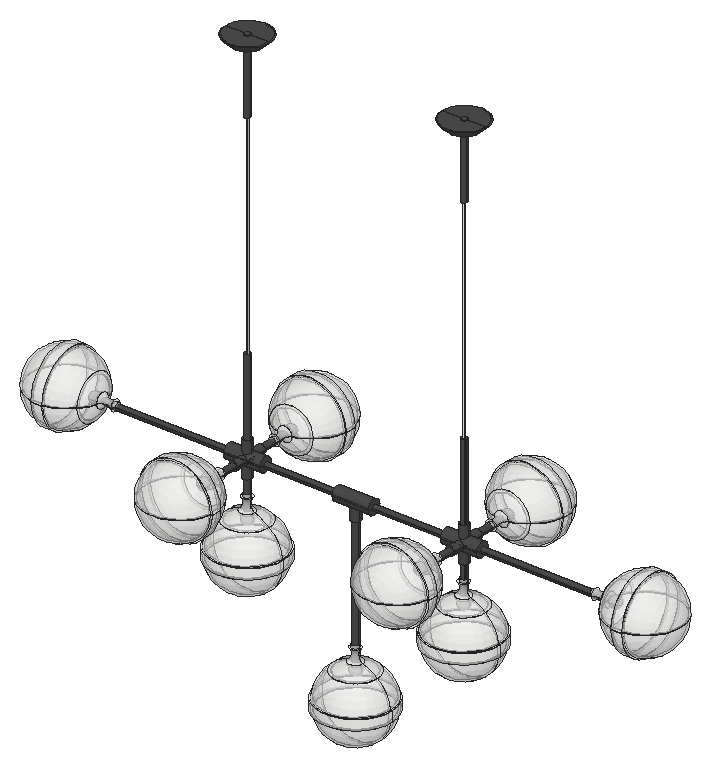
Revit family "PEGGY SP 9-Suspension", category Lighting Fixtures, host Ceiling, Revit 2020
Family settings
  Host = Ceiling
  Round Connector Dimension = Use Diameter
  Part Type = Normal
  OmniClass Number = 23.80.70.11
  OmniClass Title = Luminaries for Internal Lighting
  Always vertical = Yes
  Cut with Voids When Loaded = No
  Light Source = No
  Shared = No
  Room Calculation Point = No
Parameters (values of type "PEGGY SP 9")
  World Region [instance] = yes
  Width = 180 mm
  Voltage Control [instance] = if(World Region, 240 VA, 110 VA)  # 240 VA
  Voltage [instance] = if(World Region, 240 V, 110 V)  # 240 V
  USA and Canada market contacts = "ip@vistosi.it, +39.344.180.73.87"
  USA Region [instance] = not(World Region)  # no
  URL Product Page = "https://vistosi.it/prodotti-lampade-vetro/peggy-sp/?lang=en&sku=PEGGYSP9--000OT-BCLUE141CE"
  URL = "https://vistosi.com"
  Type Comments = "Hangar Design Group"
  Region [instance] = if(World Region, "Europe", "USA")  # "Europe"
  Product data url = ""
  Model = "PEGGY"
  Material Bulb [instance] = 000_VISTOSI_Bulb
  Manufacturer country = "Italy"
  Manufacturer = "Vistosi"
  Light Source [instance] = Bulb : 2700 K 13 W 37 V 2000 lm DIM2 Phase Cut
  Glass finish_type1 [instance] = none
  Frequency [instance] = if(World Region, 50 Hz, 60 Hz)  # 50 Hz
  Frame finish [instance] = none
  Designer = "Hangar Design Group"
  Description = "SUSPENSION"
  Depth = 67 mm
  Default Elevation = 0 mm
  Country = "Europe"
  Contact = "T. +39 041 5903480 Email: vistosi@vistosi.it"
  Bulb Diametr = 15 mm
  BIMobject category = ""
Reference planes
  plane 1 "Light Source Axis (F/B)": y = 0
  plane 2 "Ceiling": z = 2438.4
  plane 3 "Light Source Axis (L/R)": x = 0
  plane 4 "Light Source Elevation": z = 2438.4
  plane 5 "Lower Base": z = 1256.505
  plane 6 "O": z = 2234.65
  plane 7 "P": z = 1645.65
  plane 8: z = 1055.65
  plane 9 "Horizontal": z = 1387.65
  plane 10: x = -300.173
  plane 11: x = 299.827
Forms (mm)
  Extrusion 1, solid, material <- "Frame finish"
    sketch origin (-300, 0, 1256.505) x (-1, 0, 0) y (0, -1, 0)
      loop
        circle (0, 0) r 2
    from 0 to 978.145
  Extrusion 2, solid, material <- "Frame finish"
    sketch origin (-300, 0, 2208.4) x (-1, 0, 0) y (0, -1, 0)
      loop
        circle (0, 0) r 8
    from 26.25 to 230
  Extrusion 3, solid, material <- "Frame finish"
    sketch origin (-866.008, -4572, 1256.505) x (-1, 0, 0) y (0, -1, 0)
      loop
        circle (-566.008, -4572) r 8
    from 0 to 389.145
  Extrusion 4, solid, material <- "Frame finish"
    sketch origin (300, 0, 1256.505) x (-1, 0, 0) y (0, -1, 0)
      loop
        circle (0, 0) r 2
    from 0 to 978.145
  Extrusion 5, solid, material <- "Frame finish"
    sketch origin (300, 0, 2208.4) x (-1, 0, 0) y (0, -1, 0)
      loop
        circle (0, 0) r 8
    from 26.25 to 230
  Extrusion 6, solid, material <- "Frame finish"
    sketch origin (-866.008, -4572, 1256.505) x (-1, 0, 0) y (0, -1, 0)
      loop
        circle (-1166.008, -4572) r 8
    from 0 to 389.145
  Extrusion 7, solid, material <- "Frame finish"
    sketch origin (0, 0, 0) x (0, 1, 0) y (0, 0, 1)
      loop
        circle (0, 1387.65) r 8
    from -700 to 700
  Extrusion 8, solid, material <- "Frame finish"
    sketch origin (0, 0, 0) x (1, 0, 0) y (0, 0, 1)
      loop
        circle (-300.173, 1387.65) r 8
    from -130 to 130
  Extrusion 9, solid, material <- "Frame finish"
    sketch origin (0, 0, 0) x (1, 0, 0) y (0, 0, 1)
      loop
        circle (299.827, 1387.65) r 8
    from -130 to 130
  Extrusion 10, solid, material <- "Frame finish"
    sketch origin (0, 0, 1387.65) x (-1, 0, 0) y (0, -1, 0)
      loop
        circle (0, 0) r 8
    from 0 to -400
  Extrusion 11, solid, material <- "Frame finish"
    sketch origin (0, 0, 0) x (0, 1, 0) y (0, 0, 1)
      loop
        circle (0, 1387.65) r 19
    from -50 to 50
  Extrusion 12, solid, material <- "Frame finish"
    sketch origin (-300.173, -4572, 985.65) x (0, 0, -1) y (0, -1, 0)
      loop
        circle (-402, -4572) r 19
    from -50 to 50
  Extrusion 13, solid, material <- "Frame finish"
    sketch origin (299.827, -4572, 890.65) x (0, 0, -1) y (0, -1, 0)
      loop
        circle (-497, -4572) r 19
    from -50 to 50
  Extrusion 14, solid, material <- "Frame finish"
    sketch origin (0, 0, 0) x (1, 0, 0) y (0, 0, 1)
      loop
        circle (-300.173, 1387.65) r 12
    from -47.5 to 47.5
  Extrusion 15, solid, material <- "Frame finish"
    sketch origin (600, 0, 0) x (1, 0, 0) y (0, 0, 1)
      loop
        circle (-300.173, 1387.65) r 12
    from -47.5 to 47.5
  Extrusion 16, solid, material <- "Frame finish"
    sketch origin (0, 0, 1387.65) x (-1, 0, 0) y (0, -1, 0)
      loop
        circle (300.173, 0) r 12
    from -47.5 to 47.5
  Extrusion 17, solid, material <- "Frame finish"
    sketch origin (600, 0, 1387.65) x (-1, 0, 0) y (0, -1, 0)
      loop
        circle (300.173, 0) r 12
    from -47.5 to 47.5
  Extrusion 18, solid, material <- "Frame finish"
    sketch origin (300.173, 0, 1387.65) x (-1, 0, 0) y (0, -1, 0)
      loop
        circle (300.173, 0) r 12
    from -47.5 to 0
Text (mm)
  text "0 Tilt Angle" at (-1482.244, 236.007, 2133.6), in view "Ref. Level"
  text "180 Tilt Angle" at (653.058, 236.007, 2133.6), in view "Ref. Level"
Dimensions and locks
  equal spacing: host sketch curve, plane 3 "Light Source Axis (L/R)", host sketch curve
  equal spacing: host sketch curve, plane 1 "Light Source Axis (F/B)", host sketch curve
  host sketch curve to host sketch curve = 3048 mm  (x2)
  locked: plane 7 "P" to plane 5 "Lower Base" at 389.145
  plane 7 "P" to plane 5 "Lower Base" = 389.145 mm
  locked: plane 5 "Lower Base" to plane 8 at 200.855
  locked: plane 2 "Ceiling" to plane 8 at 1382.75
  aligned and locked: plane 6 "O" to Extrusion 4
  aligned and locked: plane 6 "O" to Extrusion 1
  aligned and locked: Extrusion 2 to plane 6 "O"
  aligned and locked: Extrusion 5 to plane 6 "O"
  aligned and locked: plane 7 "P" to Extrusion 3
  aligned and locked: Extrusion 6 to Extrusion 3
  aligned and locked: nested 6 to plane 1 "Light Source Axis (F/B)"
  aligned and locked: nested 6 to plane 9 "Horizontal"
  aligned and locked: nested 5 to plane 9 "Horizontal"
  aligned and locked: nested 5 to plane 1 "Light Source Axis (F/B)"
  aligned and locked: nested 7 to plane 11
  aligned and locked: plane 9 "Horizontal" to nested 7
  aligned and locked: plane 9 "Horizontal" to nested 10
  aligned and locked: nested 10 to plane 10
  aligned and locked: nested 9 to plane 10
  aligned and locked: nested 9 to plane 9 "Horizontal"
  aligned and locked: nested 8 to plane 11
  aligned and locked: nested 8 to plane 9 "Horizontal"
  aligned and locked: plane 1 "Light Source Axis (F/B)" to nested 11
  aligned and locked: nested 11 to plane 3 "Light Source Axis (L/R)"
Nested families
  nested 1: "PEGGY_Base" at (-300, 0, 2438.4) x (1, 0, 0) z (0, 0, -1), type "Peggy_Base"
  nested 2: "PEGGY_Lampshade" at (-300.173, 0.36, 1256.505) x (-1, 0, 0) z (0, 0, -1), Frame finish <- "Frame finish", Glass finish_type1 <- "Glass finish_type1", Material Bulb <- "Material Bulb", Bulb Diametr <- "Bulb Diametr", type "Peggy"
    with Material Bulb 000_VISTOSI_Bulb, Glass finish_type1 none, Frame finish none, Bulb Diametr 15 mm
  nested 3: "PEGGY_Base" at (300, 0, 2438.4) x (1, 0, 0) z (0, 0, -1), type "Peggy_Base"
  nested 4: "PEGGY_Lampshade" at (299.82, -0.393, 1256.505) x (-1, 0, 0) z (0, 0, -1), Frame finish <- "Frame finish", Glass finish_type1 <- "Glass finish_type1", Material Bulb <- "Material Bulb", Bulb Diametr <- "Bulb Diametr", type "Peggy"
    with Material Bulb 000_VISTOSI_Bulb, Glass finish_type1 none, Frame finish none, Bulb Diametr 15 mm
  nested 5: "PEGGY_Lampshade" at (700, 0, 1387.65) x (0, 1, 0) z (1, 0, 0), Frame finish <- "Frame finish", Glass finish_type1 <- "Glass finish_type1", Material Bulb <- "Material Bulb", Bulb Diametr <- "Bulb Diametr", type "Peggy"
    with Material Bulb 000_VISTOSI_Bulb, Glass finish_type1 none, Frame finish none, Bulb Diametr 15 mm
  nested 6: "PEGGY_Lampshade" at (-700, 0, 1387.65) x (0, 1, 0) z (-1, 0, 0), Frame finish <- "Frame finish", Glass finish_type1 <- "Glass finish_type1", Material Bulb <- "Material Bulb", Bulb Diametr <- "Bulb Diametr", type "Peggy"
    with Material Bulb 000_VISTOSI_Bulb, Glass finish_type1 none, Frame finish none, Bulb Diametr 15 mm
  nested 7: "PEGGY_Lampshade" at (299.827, 130, 1387.65) x (1, 0, 0) z (0, 1, 0), Frame finish <- "Frame finish", Glass finish_type1 <- "Glass finish_type1", Material Bulb <- "Material Bulb", Bulb Diametr <- "Bulb Diametr", type "Peggy"
    with Material Bulb 000_VISTOSI_Bulb, Glass finish_type1 none, Frame finish none, Bulb Diametr 15 mm
  nested 8: "PEGGY_Lampshade" at (299.827, -130, 1387.65) x (1, 0, 0) z (0, -1, 0), Frame finish <- "Frame finish", Glass finish_type1 <- "Glass finish_type1", Material Bulb <- "Material Bulb", Bulb Diametr <- "Bulb Diametr", type "Peggy"
    with Material Bulb 000_VISTOSI_Bulb, Glass finish_type1 none, Frame finish none, Bulb Diametr 15 mm
  nested 9: "PEGGY_Lampshade" at (-300.173, -130, 1387.65) x (1, 0, 0) z (0, -1, 0), Frame finish <- "Frame finish", Glass finish_type1 <- "Glass finish_type1", Material Bulb <- "Material Bulb", Bulb Diametr <- "Bulb Diametr", type "Peggy"
    with Material Bulb 000_VISTOSI_Bulb, Glass finish_type1 none, Frame finish none, Bulb Diametr 15 mm
  nested 10: "PEGGY_Lampshade" at (-300.173, 130, 1387.65) x (1, 0, 0) z (0, 1, 0), Frame finish <- "Frame finish", Glass finish_type1 <- "Glass finish_type1", Material Bulb <- "Material Bulb", Bulb Diametr <- "Bulb Diametr", type "Peggy"
    with Material Bulb 000_VISTOSI_Bulb, Glass finish_type1 none, Frame finish none, Bulb Diametr 15 mm
  nested 11: "PEGGY_Lampshade" at (0, 0, 987.65) x (-1, 0, 0) z (0, 0, -1), Frame finish <- "Frame finish", Glass finish_type1 <- "Glass finish_type1", Material Bulb <- "Material Bulb", Bulb Diametr <- "Bulb Diametr", type "Peggy"
    with Material Bulb 000_VISTOSI_Bulb, Glass finish_type1 none, Frame finish none, Bulb Diametr 15 mm
  nested 12: "Bulb" at (-300.173, 0.36, 2736.505) x (-1, 0, 0) z (0, 0, -1), type "2700 K 13 W 37 V 2000 lm DIM2 Phase Cut"
    with Material 000_VISTOSI_Bulb, Diameter bulb 15 mm
  nested 13: "Bulb" at (299.82, -0.393, 2736.505) x (-1, 0, 0) z (0, 0, -1), type "2700 K 13 W 37 V 2000 lm DIM2 Phase Cut"
    with Material 000_VISTOSI_Bulb, Diameter bulb 15 mm
  nested 14: "Bulb" at (-780, 0, 1387.65) x (0, 1, 0) z (1, 0, 0), type "2700 K 13 W 37 V 2000 lm DIM2 Phase Cut"
    with Material 000_VISTOSI_Bulb, Diameter bulb 15 mm
  nested 15: "Bulb" at (780, 0, 1387.65) x (0, 1, 0) z (-1, 0, 0), type "2700 K 13 W 37 V 2000 lm DIM2 Phase Cut"
    with Material 000_VISTOSI_Bulb, Diameter bulb 15 mm
  nested 16: "Bulb" at (299.827, -1350, 1387.65) x (1, 0, 0) z (0, 1, 0), type "2700 K 13 W 37 V 2000 lm DIM2 Phase Cut"
    with Material 000_VISTOSI_Bulb, Diameter bulb 15 mm
  nested 17: "Bulb" at (299.827, 1350, 1387.65) x (1, 0, 0) z (0, -1, 0), type "2700 K 13 W 37 V 2000 lm DIM2 Phase Cut"
    with Material 000_VISTOSI_Bulb, Diameter bulb 15 mm
  nested 18: "Bulb" at (-300.173, 1350, 1387.65) x (1, 0, 0) z (0, -1, 0), type "2700 K 13 W 37 V 2000 lm DIM2 Phase Cut"
    with Material 000_VISTOSI_Bulb, Diameter bulb 15 mm
  nested 19: "Bulb" at (-300.173, -1350, 1387.65) x (1, 0, 0) z (0, 1, 0), type "2700 K 13 W 37 V 2000 lm DIM2 Phase Cut"
    with Material 000_VISTOSI_Bulb, Diameter bulb 15 mm
  nested 20: "Bulb" at (0, 0, 2467.65) x (-1, 0, 0) z (0, 0, -1), type "2700 K 13 W 37 V 2000 lm DIM2 Phase Cut"
    with Material 000_VISTOSI_Bulb, Diameter bulb 15 mm
Connectors
  electrical at (-300, 0, 2438.4), driven by "Voltage", driven by "Voltage Control"
    settings: on Extrusion 2, index 1, voltage 240 V, apparent load 0 VA, apparent load phase1 240 VA, apparent load phase2 0 VA, apparent load phase3 0 VA, power factor 1, load classification "Other", number of poles 1, system type 31, power factor state 1, is connector primary yes, connector utility no, sub classification motor no, connector description ""
Definition of nested family "PEGGY_Base"
  Parameters (values of type "Peggy_Base")
    Frame finish [instance] = none
    Description = "Top base"  # constant formula
    Default Elevation = 1219.2 mm
  Reference planes
    plane 1 "Center (Front/Back)": y = 0
    plane 2: z = 0
    plane 3 "Center (Left/Right)": x = 0
    plane 4: x = -61
    plane 5: x = 61
  Forms (mm)
    Extrusion 1, solid
      sketch origin (0, 0, 0) x (1, 0, 0) y (0, 1, 0)
        loop
          line (-1219.2, 1219.2) -> (-1219.2, -1219.2) -> (1219.2, -1219.2) -> (1219.2, 1219.2) -> (-1219.2, 1219.2)
      from 0 to -304.8
    Revolve 2, solid, material <- "Frame finish"
      sketch origin (0, 0, 0) x (1, 0, 0) y (0, 0, 1)
        loop
          line (0, 0) -> (59.4, 0) -> (61, 1.2)
          arc (61, 1.2) -> (34.579, 24.925) -> (0, 33) r 71.449
          line (0, 33) -> (0, 0)
        axis (0, 33) -> (0, 0)
      angle from 0 to 360
  Dimensions and locks
    aligned and locked: plane 2 to Extrusion 1
    aligned and locked: level to Extrusion 1
Definition of nested family "PEGGY_Lampshade"
  Parameters (values of type "Peggy")
    Material Bulb [instance] = none
    Glass finish_type1 [instance] = none
    Frame finish [instance] = none
    Description = "Lampshade"  # constant formula
    Default Elevation = 1000 mm
    Bulb Diametr [instance] = 15 mm
  Reference planes
    plane 1 "Center (Front/Back)": y = 0
    plane 2: z = 0
    plane 3 "Center (Left/Right)": x = 0
    plane 4: x = -101.5
    plane 5: x = 101.5
  Forms (mm)
    Extrusion 1, solid
      sketch origin (0, 0, 0) x (1, 0, 0) y (0, 1, 0)
        loop
          line (-1219.2, 1219.2) -> (-1219.2, -1219.2) -> (1219.2, -1219.2) -> (1219.2, 1219.2) -> (-1219.2, 1219.2)
      from 0 to -304.8
    Revolve 2, solid, material <- "Frame finish"
      sketch origin (-3.594, 0, 0.043) x (1, 0, 0) y (0, 0, 1)
        loop
          line (-1.406, -0.043) -> (-1.406, 4.957) -> (-15.8, 4.957)
          arc (-15.8, 4.957) -> (-34.037, 11.853) -> (-50.186, 22.777) r 83.779
          line (-50.186, 22.777) -> (-57.574, 22.777)
          arc (-57.574, 22.777) -> (-38.53, 8.589) -> (-16.406, -0.043) r 88.779
          line (-16.406, -0.043) -> (-1.406, -0.043)
        axis (3.594, -0.043) -> (3.594, 22.777)
      angle from 0 to 360
    Revolve 3, solid, material <- "Glass finish_type1"
      sketch origin (-3.594, 0, 0.043) x (1, 0, 0) y (0, 0, 1)
        loop
          line (-56.56, 22.777) -> (-47.535, 22.777)
          arc (-47.535, 22.777) -> (-75.88, 50.457) -> (-89.079, 87.813) r 87.336
          line (-89.079, 87.813) -> (-94.108, 87.813)
          arc (-94.108, 87.813) -> (-82.244, 51.305) -> (-56.56, 22.777) r 92.336
        axis (3.594, 22.777) -> (3.594, 87.813)
      angle from 0 to 360
    Revolve 4, solid, material <- "Frame finish"
      sketch origin (-3.594, 0, 0.043) x (1, 0, 0) y (0, 0, 1)
        loop
          line (-89.053, 87.813) -> (-89.053, 117.813) -> (-97.906, 117.813) -> (-97.906, 87.813) -> (-89.053, 87.813)
        axis (3.594, 87.813) -> (3.594, 117.813)
      angle from 0 to 360
    Revolve 5, solid, material <- "Glass finish_type1"
      sketch origin (-3.594, 0, 0.043) x (1, 0, 0) y (0, 0, 1)
        loop
          arc (3.594, 200.813) -> (-61.008, 177.855) -> (-94.106, 117.813) r 96.6
          line (-94.106, 117.813) -> (-89.053, 117.813)
          arc (-89.053, 117.813) -> (-57.459, 174.308) -> (3.594, 195.811) r 91.6
          line (3.594, 195.811) -> (3.594, 200.813)
        axis (3.594, 117.813) -> (3.594, 200.813)
      angle from 0 to 360
    Revolve 6, solid, material <- "Frame finish"
      sketch origin (-3.594, 0, 0.043) x (1, 0, 0) y (0, 0, 1)
        loop
          line (3.594, -0.043) -> (-16.406, -0.043)
          arc (-16.406, -0.043) -> (-5.964, -16.408) -> (-11.406, -35.043) r 23.487
          line (-11.406, -35.043) -> (3.594, -35.043) -> (3.594, -0.043)
        axis (3.594, -35.043) -> (3.594, -0.043)
      angle from 0 to 360
    Revolve 7, solid, material <- "Frame finish"
      sketch origin (-3.594, 0, 0.043) x (1, 0, 0) y (0, 0, 1)
        loop
          line (3.594, -43.043) -> (3.594, -35.043) -> (-6.406, -35.043) -> (-6.406, -43.043) -> (3.594, -43.043)
        axis (3.594, -43.043) -> (3.594, -35.043)
      angle from 0 to 360
  Lines and regions (mm)
    Masking region 1, not visible
      outline origin (0, 0, 0) x (1, 0, 0) y (0, 1, 0)
        loop
          circle (0, 0) r 225
    Masking region 2, not visible
      outline origin (0, 0, 0) x (1, 0, 0) y (0, 1, 0)
        loop
          circle (0, 0) r 172.6
    Masking region 3
      outline origin (0, 0, 0) x (1, 0, 0) y (0, 1, 0)
        loop
          circle (0, 0) r 80
  Dimensions and locks
    locked: nested 1 to level at 20
    aligned and locked: plane 2 to Extrusion 1
    aligned and locked: level to Extrusion 1
    aligned and locked: plane 3 "Center (Left/Right)" to nested 1
  Nested families
    nested 1: "Bulb" at (0, 0, -1480), Material <- "Material Bulb", Diameter bulb <- "Bulb Diametr", type "2700 K 13 W 37 V 2000 lm DIM2 Phase Cut"
      with Material none, Diameter bulb 15 mm
  Definition of nested family "Bulb"
    Parameters (values of type "3000 K 13 W 37 V 2000 lm DIM3 0-10V, Push")
      Wattage = 13.4642 W
      built-in parameter 1150110 = 1 (stored number, unit not read)
      USA and Canada market contacts = ""
      built-in parameter 1114217 = 1 (stored number, unit not read)
      built-in parameter 1150109 = 1 (stored number, unit not read)
      built-in parameter 1150134 = (empty or 0)
      built-in parameter 1150113 = 1 (stored number, unit not read)
      Material [instance] = none
      Diameter bulb [instance] = 15 mm
      Lumens = 2000 lm
      built-in parameter 1150115 = 1 (stored number, unit not read)
      built-in parameter 1150105 = 159.15 (stored number, unit not read)
      Light Source Symbol Size = 30 mm
      built-in parameter 1150137 = (empty or 0)
      built-in parameter 1150139 = (empty or 0)
      built-in parameter 1150112 = 1 (stored number, unit not read)
      built-in parameter 1150114 = 1 (stored number, unit not read)
      built-in parameter 1150132 = 2
      built-in parameter 1150102 = (empty or 0)
      built-in parameter 1150138 = (empty or 0)
      built-in parameter 1150107 = 3000 (stored number, unit not read)
      built-in parameter 1150106 = 1.5915 (stored number, unit not read)
      built-in parameter 1150104 = 13.8 (stored number, unit not read)
      Dimming Lamp Color Temperature Shift = (empty or 0)
      Default Elevation = 1219.2 mm
      Color Filter = 16777215
      built-in parameter 1114218 = 1 (stored number, unit not read)
      built-in parameter 1150133 = 10 (stored number, unit not read)
    Types (4, lengths in mm): name | built-in parameter 1150107
      2700 K 13 W 37 V 2000 lm DIM2 Phase Cut | 2700 (stored number, unit not read)
      2700 K 13 W 37 V 2000 lm DIM3 0-10V, Push | 2700 (stored number, unit not read)
      3000 K 13 W 37 V 2000 lm DIM2 Phase Cut | 3000 (stored number, unit not read)
      3000 K 13 W 37 V 2000 lm DIM3 0-10V, Push | 3000 (stored number, unit not read)
    Reference planes
      plane 1 "Light Source Axis (F/B)": y = 0
      plane 2: z = 0
      plane 3 "Light Source Axis (L/R)": x = 0
      plane 4 "Light Source Elevation": z = 1500
    Forms (mm)
      Revolve 1, solid, material <- "Material"
        sketch origin (0, 0, 0) x (1, 0, 0) y (0, 0, 1)
          loop
            arc (0, 1515) -> (-15, 1500) -> (0, 1485) r 15
            line (0, 1485) -> (0, 1515)
          axis (0, 1515) -> (0, 1485)
        angle from 0 to 360
    Dimensions and locks
      "Diameter bulb": radius of Revolve 1 sketch curve
      aligned and locked: plane 3 "Light Source Axis (L/R)" to imposter light
      aligned and locked: plane 1 "Light Source Axis (F/B)" to imposter light
      aligned and locked: plane 4 "Light Source Elevation" to imposter light
      aligned and locked: level to plane 2
    Automatic sketch dimensions
      Revolve 1 sketch curve to plane 3 "Light Source Axis (L/R)" = 0 mm  (x2)
      Revolve 1 sketch curve to plane 4 "Light Source Elevation" = 0 mm
      Revolve 1 sketch curve to Revolve 1 sketch curve = 5 mm  (x2)
Definition of nested family "Bulb"
  Parameters (values of type "3000 K 13 W 37 V 2000 lm DIM3 0-10V, Push")
    Wattage = 13.4642 W
    built-in parameter 1150110 = 1 (stored number, unit not read)
    USA and Canada market contacts = ""
    built-in parameter 1114217 = 1 (stored number, unit not read)
    built-in parameter 1150109 = 1 (stored number, unit not read)
    built-in parameter 1150134 = (empty or 0)
    built-in parameter 1150113 = 1 (stored number, unit not read)
    Material [instance] = none
    Diameter bulb [instance] = 15 mm
    Lumens = 2000 lm
    built-in parameter 1150115 = 1 (stored number, unit not read)
    built-in parameter 1150105 = 159.15 (stored number, unit not read)
    Light Source Symbol Size = 30 mm
    built-in parameter 1150137 = (empty or 0)
    built-in parameter 1150139 = (empty or 0)
    built-in parameter 1150112 = 1 (stored number, unit not read)
    built-in parameter 1150114 = 1 (stored number, unit not read)
    built-in parameter 1150132 = 2
    built-in parameter 1150102 = (empty or 0)
    built-in parameter 1150138 = (empty or 0)
    built-in parameter 1150107 = 3000 (stored number, unit not read)
    built-in parameter 1150106 = 1.5915 (stored number, unit not read)
    built-in parameter 1150104 = 13.8 (stored number, unit not read)
    Dimming Lamp Color Temperature Shift = (empty or 0)
    Default Elevation = 1219.2 mm
    Color Filter = 16777215
    built-in parameter 1114218 = 1 (stored number, unit not read)
    built-in parameter 1150133 = 10 (stored number, unit not read)
  Types (4, lengths in mm): name | built-in parameter 1150107
    2700 K 13 W 37 V 2000 lm DIM2 Phase Cut | 2700 (stored number, unit not read)
    2700 K 13 W 37 V 2000 lm DIM3 0-10V, Push | 2700 (stored number, unit not read)
    3000 K 13 W 37 V 2000 lm DIM2 Phase Cut | 3000 (stored number, unit not read)
    3000 K 13 W 37 V 2000 lm DIM3 0-10V, Push | 3000 (stored number, unit not read)
  Reference planes
    plane 1 "Light Source Axis (F/B)": y = 0
    plane 2: z = 0
    plane 3 "Light Source Axis (L/R)": x = 0
    plane 4 "Light Source Elevation": z = 1500
  Forms (mm)
    Revolve 1, solid, material <- "Material"
      sketch origin (0, 0, 0) x (1, 0, 0) y (0, 0, 1)
        loop
          arc (0, 1515) -> (-15, 1500) -> (0, 1485) r 15
          line (0, 1485) -> (0, 1515)
        axis (0, 1515) -> (0, 1485)
      angle from 0 to 360
  Dimensions and locks
    "Diameter bulb": radius of Revolve 1 sketch curve
    aligned and locked: plane 3 "Light Source Axis (L/R)" to imposter light
    aligned and locked: plane 1 "Light Source Axis (F/B)" to imposter light
    aligned and locked: plane 4 "Light Source Elevation" to imposter light
    aligned and locked: level to plane 2
  Automatic sketch dimensions
    Revolve 1 sketch curve to plane 3 "Light Source Axis (L/R)" = 0 mm  (x2)
    Revolve 1 sketch curve to plane 4 "Light Source Elevation" = 0 mm
    Revolve 1 sketch curve to Revolve 1 sketch curve = 5 mm  (x2)
